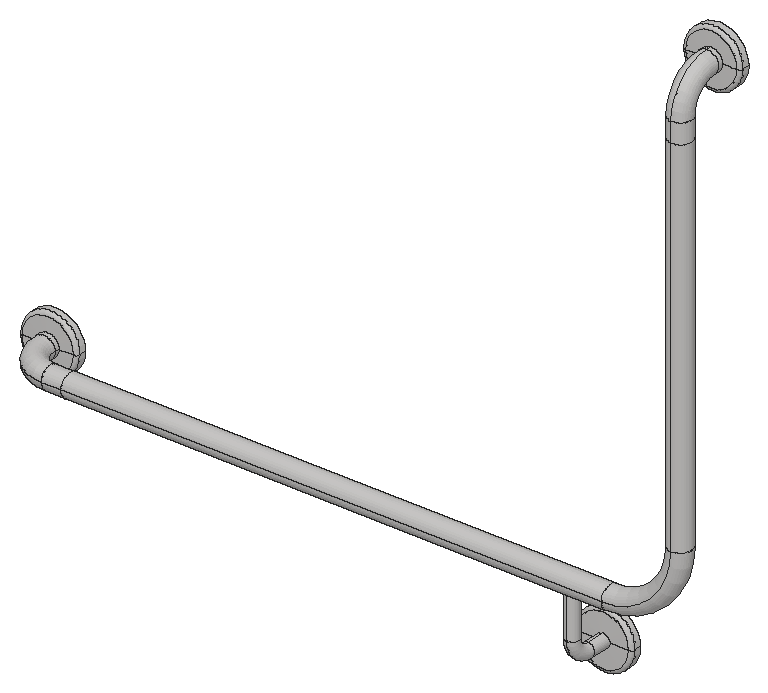
Revit family "rba-bim-rba4098-901", category Plumbing Fixtures, Revit 2018
Family settings
  Round Connector Dimension = Use Diameter
  Part Type = Normal
  Work Plane-Based = No
  Always vertical = Yes
  Cut with Voids When Loaded = No
  Shared = No
  Room Calculation Point = No
Parameters (values of type "RBA4098-901")
  Watermarked By = "www.rba.com.au"
  URL = "http://www.rba.com.au/accessible-disabled/grab-rails"
  R_Void [instance] = 15.00 mm
  R [instance] = 0.00 mm
  Phone Number = "1300 788 778"
  Modified Issue = "20200316.01"
  Model = "RBA4098-901"
  Materials and Finishes = Stainless Steel, Bright Polished
  Manufacturer Model = "B819436"
  Manufacturer = "RBA Group"
  Description = "90° Angled Grab Rails, LH"
  Copyrighted by = "RBA Group"  # constant formula
  Assembly Code = ""
Reference planes
  plane 1 "Center (Front/Back)": y = 0
  plane 2: z = 0
  plane 3: x = 40.5
  plane 4: z = -30
  plane 5: z = 30
  plane 6: x = 70.5
  plane 7: x = 10.5
  plane 8: x = 990.5
  plane 9: x = 515.5
  plane 10: z = 670
  plane 11: z = 730
  plane 12: x = 960.5
  plane 13: x = 1020.5
  plane 14: z = 700
  plane 15: z = -130
  plane 16: z = -70
  plane 17: x = 865.5
  plane 18: x = 805.5
  plane 19: x = 835.5
  plane 20: z = -100
  plane 21: x = 974.5
  plane 22: z = 16
  plane 23: y = -70
  plane 24: y = -86
  plane 25: y = -54
  plane 26: y = -79.5
  plane 27: y = -60.5
Forms (mm)
  Extrusion 1, solid, material "Rail Steel"
    sketch origin (40.5, -2.628, 315.907) x (0, 0, -1) y (-1, 0, 0)
      loop
        circle (315.907, 0) r 40
    from -0.219 to 2.628
  Revolve 2, solid, material "Rail Steel"
    sketch origin (40.5, 18.663, 0) x (0, -1, 0) y (1, 0, 0)
      loop
        line (18.663, 0) -> (18.663, -41.5) -> (27.844, -41.5)
        arc (27.844, -41.5) -> (31.337, -40.077) -> (32.842, -36.617) r 5
        line (32.842, -36.617) -> (33.701, 0) -> (18.663, 0)
      axis (18.663, 0) -> (33.701, 0)
    angle from 0 to 360
  Extrusion 3, void
    sketch origin (40.5, 34.941, 315.907) x (0, 0, -1) y (-1, 0, 0)
      loop
        circle (315.907, -30) r 5
      loop
        circle (315.907, 30) r 5
    from -37.788 to -30
  Sweep 4, solid, material "Rail Steel"
    path origin (40.5, 12.454, 0) x (0, -1, 0) y (-1, 0, 0)
      loop
        line (12.454, 0) -> (34.454, 0)
        arc (34.454, 0) -> (68.395, -14.059) -> (82.454, -48) r 48
        line (82.454, -48) -> (82.454, -76)
    profile origin (40.5, -11, 0) x (1, 0, 0) y (0, 0, 1)
      loop
        circle (0, 0) r 16
  Extrusion 5, solid, material "Rail Steel"
    sketch origin (990.5, -2.628, 1015.907) x (0, 0, -1) y (-1, 0, 0)
      loop
        circle (315.907, 0) r 40
    from -0.219 to 2.628
  Extrusion 6, void
    sketch origin (990.5, 34.941, 1015.907) x (0, 0, -1) y (-1, 0, 0)
      loop
        circle (315.907, 30) r 5
      loop
        circle (315.907, -30) r 5
    from -37.788 to -30
  Sweep 7, solid, material "Rail Steel"
    path origin (1690.5, 12.454, 700) x (0, -1, 0) y (0, 0, 1)
      loop
        line (12.454, 0) -> (34.454, 0)
        arc (34.454, 0) -> (68.395, -14.059) -> (82.454, -48) r 48
        line (82.454, -48) -> (82.454, -76)
    profile origin (1690.5, -11, 700) x (0, 0, 1) y (-1, 0, 0)
      loop
        circle (0, 700) r 16
  Revolve 8, solid, material "Rail Steel"
    sketch origin (990.5, 18.663, 700) x (0, -1, 0) y (1, 0, 0)
      loop
        line (18.663, 0) -> (33.701, 0) -> (32.842, 36.617)
        arc (32.842, 36.617) -> (31.337, 40.077) -> (27.844, 41.5) r 5
        line (27.844, 41.5) -> (18.663, 41.5) -> (18.663, 0)
      axis (18.663, 0) -> (33.701, 0)
    angle from 0 to 360
  Sweep 9, solid, material "Rail Steel"
    path origin (0, 0, 0) x (1, 0, 0) y (0, 0, 1)
      loop
        line (116.5, 0) -> (890.5, 0)
        arc (890.5, 0) -> (961.211, 29.289) -> (990.5, 100) r 100
        line (990.5, 100) -> (990.5, 624)
    profile origin (503.5, 0, 0) x (0, 0, 1) y (0, -1, 0)
      loop
        circle (0, 70) r 16
  Extrusion 10, solid, material "Rail Steel"
    sketch origin (835.5, -2.628, 215.907) x (0, 0, -1) y (-1, 0, 0)
      loop
        circle (315.907, 0) r 40
    from -0.219 to 2.628
  Revolve 11, solid, material "Rail Steel"
    sketch origin (835.5, 18.663, -100) x (0, -1, 0) y (1, 0, 0)
      loop
        line (18.663, 0) -> (18.663, -41.5) -> (27.844, -41.5)
        arc (27.844, -41.5) -> (31.337, -40.077) -> (32.842, -36.617) r 5
        line (32.842, -36.617) -> (33.701, 0) -> (18.663, 0)
      axis (18.663, 0) -> (33.701, 0)
    angle from 0 to 360
  Sweep 12, solid, material "Rail Steel"
    path origin (835.5, 12.454, -100) x (0, -1, 0) y (0, 0, -1)
      loop
        line (12.454, 0) -> (54.454, 0)
        arc (54.454, 0) -> (74.253, -8.201) -> (82.454, -28) r 28
        line (82.454, -28) -> (82.454, -100)
    profile origin (835.5, -21, -100) x (0, 0, -1) y (1, 0, 0)
      loop
        circle (0, 0) r 9.5
  Extrusion 13, void
    sketch origin (835.5, 34.941, 215.907) x (0, 0, -1) y (-1, 0, 0)
      loop
        circle (315.907, -30) r 5
      loop
        circle (315.907, 30) r 5
    from -37.788 to -30
Cuts and joins
  Extrusion 3, Extrusion 6, Extrusion 13 cuts Extrusion 1
  Extrusion 3, Extrusion 6, Extrusion 13 cuts Revolve 2
  Extrusion 13 cuts Sweep 4
  Extrusion 6 cuts Revolve 8
  Extrusion 13 cuts Revolve 11
  joined: Revolve 2, Sweep 4, Sweep 7, Revolve 8, Sweep 9, Revolve 11, Sweep 12
  Extrusion 6 cuts Extrusion 5
  Extrusion 13 cuts Extrusion 10
Dimensions and locks
  Revolve 2 sketch curve to Revolve 2 sketch curve = 41.50 mm
  plane 5 to level to plane 4 = 30.00 mm, 30.00 mm
  plane 7 to plane 6 = 60.00 mm
  plane 11 to plane 10 = 60.00 mm
  plane 12 to plane 13 = 60.00 mm
  Revolve 8 sketch curve to Revolve 8 sketch curve = 41.50 mm
  Revolve 11 sketch curve to Revolve 11 sketch curve = 41.50 mm
  plane 16 to plane 15 = 60.00 mm
  plane 18 to plane 17 = 60.00 mm
  level to plane 20 = 100.00 mm
  plane 14 to level = 700.00 mm
  plane 8 to plane 19 = 155.00 mm
  plane 8 to plane 3 = 950.00 mm
  radius of Extrusion 1 sketch curve = 40.00 mm
  radius of Sweep 4 sketch curve = 16.00 mm
  radius of Extrusion 5 sketch curve = 40.00 mm
  radius of Sweep 7 sketch curve = 16.00 mm
  radius of Extrusion 10 sketch curve = 40.00 mm
  radius of Sweep 12 sketch curve = 9.50 mm
  aligned and locked: Revolve 2 to Extrusion 1
  aligned and locked: Revolve 11 to Extrusion 10
